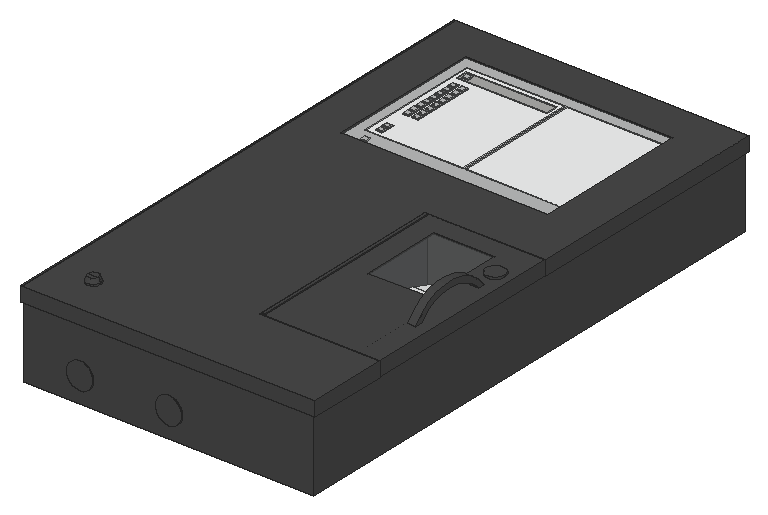
Revit family "Electronics_Communication_Talkaphone_AOR-8-Station-Analog-Command-Unit", category Telephone Devices, host Face, Revit 2020
Family settings
  Host = Face
  Maintain Annotation Orientation = No
  Round Connector Dimension = Use Diameter
  Part Type = Normal
  OmniClass Number = 23.37.27.17
  Cut with Voids When Loaded = No
  Shared = No
  Room Calculation Point = No
Parameters (values of type "8-Station Analog Command Unit")
  _without big door [instance] = not(Visible Big Door)  # no
  _small door [instance] = and(Visible Big Door, Visible Small Door)  # yes
  Wiring = "One (1) twisted, shielded pair per station not to exceed 25 ohms resistance"
  Width = 14.50"  # constant formula
  Warranty = "5-year limited warranty"
  Voltage = 120 V  # constant formula
  Visible Small Door [instance] = yes
  Visible Big Door [instance] = yes
  URL = "https://www.talkaphone.com/"
  Supervision Relay = "Activation of Any AOR Station: Contact closure (relay) output; Open/Short Fault on AOR Stations: Contact closure (relay) output; AC Input Power Failure: 24VDC output; Low Battery (Low Voltage Detected): Low/short output; and System Ground Fault: Contact closure (relay) output."
  Sound = "Strobe/siren outputs 1 of 8 alerting sounds ranging from 90 to 100 dBA"
  Programming = "Programming of the Analog Command Unit and Analog Stations can be carried out through the built-in phone via touch-tone commands. All programming is stored on non-volatile EEPROMs."
  Product data url = "https://www.bimobject.com/talkaphone/product/aor-8_area-of-rescue-8-station-command-unit"
  Product Material = Talkaphone - Steel - Black
  Product Guid = "620e3b9a-db09-408f-bd15-6877dfd418e2"
  Power Source = "120VAC, 0.5 A (max)"
  Power Factor = 1
  Number of Poles = 1
  Mounting = "Surface mount or recess mount with optional trim ring (Model AOR-TR16). Strobe/sounder mounts to standard 4-inch square box."
  Model = "AOR-8"
  Manufacturer = "Talkaphone"  # constant formula
  Lighting = "Strobe is rated at 15 candela, flashes once per second"
  Keynote = "27 30 00"
  Height = 26.70"  # constant formula
  Fault Reset = "Push button switch provided to temporarily silence while faults are corrected or to re-test/reset fault indicators after faults have been resolved"
  Fault Monitoring = "Activation of any AOR Station, opens/shorts on AOR Station cabling, 110VAC input power failure (primary power loss), low battery backup (low voltage detected), and system ground fault"
  Environment = "For indoor use"
  Edition number = 1
  Description = "THIS FULLY INTEGRATED COMMAND UNIT ACCOMMODATES UP TO 8 ADA-COMPLIANT AREA OF RESCUE STATIONS. THE UNIT’S STROBE/SOUNDER INDICATES AN INCOMING CALL, AND LED LIGHTS INDICATE THE CALLING LOCATION."
  Depth = 5.00"  # constant formula
  Default Elevation = 48.00"
  Construction = "16 gauge, painted steel enclosure with polycarbonate windows"
  Connectivity = "Supports one (1) analog phone line (PSTN line) for off-site dialing"
  Connection = "Internal terminal block"
  Communication = "Lighted phone with 12-button keypad receives and selectively originates calls"
  Call Station Options = "Indoor Flush Mount Model: AOR-CSE-FM, Indoor Surface Mount Model: AOR-CSE-SM"
  Assembly Code = "D5030300"
  Approvals = "Power Supply Approvals: EMI conducted and radiated EN61204-3 Class A, Safety EN60950, UL294 Access Control, UL 603 Burglar Systems, UL 1076 Proprietary Burglar, UL 1481 Fire Alarm Systems"
  Apparent Load = 0 VA
  AC Input Rating = "100-240VAC, 50-60 Hz, 2.5A"
Reference planes (in)
  plane 1 "Center (Front/Back)": y = 0
  plane 2: z = 0
  plane 3 "Center (Left/Right)": x = 0
  plane 4: z = 3.9004
Forms (in)
  Extrusion 1, solid, material "Talkaphone - Steel - Black" <- "Product Material"
    sketch origin (0, 0, 0.0625) x (1, 0, 0) y (0, 0, 1)
      loop
        line (-6.69575, 3.604) -> (-7.125, 3.604) -> (-7.125, -0.0625) -> (-7.0625, -0.0625) -> (-7.0625, 3.54164) -> (-6.69575, 3.54164) -> (-6.69575, 3.604)
    from -13.2525 to 13.2525
  Extrusion 2, solid, material "Talkaphone - Steel - Black" <- "Product Material"
    sketch origin (0, 0, 0) x (1, 0, 0) y (0, 1, 0)
      loop
        line (-7.0625, 13.19) -> (-7.0625, -13.19) -> (7.0625, -13.19) -> (7.0625, 13.19) -> (-7.0625, 13.19)
    from 0 to 0.0625
  Extrusion 3, solid, material "Talkaphone - Steel - Black" <- "Product Material", detail levels medium+fine
    sketch origin (0, 0, 0) x (1, 0, 0) y (0, 1, 0)
      loop
        line (1.305, -13.19) -> (1.305, 0.9775) -> (7.0625, 0.9775) -> (7.0625, 1.0375) -> (1.245, 1.0375) -> (1.245, -13.19) -> (1.305, -13.19)
    from 0.0625 to 3.8125
  Extrusion 4, solid, material "Talkaphone - Steel - Black" <- "Product Material", detail levels medium+fine
    sketch origin (0, 0, 0) x (1, 0, 0) y (0, 1, 0)
      loop
        line (-1.875, -7.6275) -> (-1.875, -7.6875) -> (-1.06, -7.6875) -> (-1.06, -13.1275) -> (-1, -13.1275) -> (-1, -7.6275) -> (-1.875, -7.6275)
    from 0.372 to 4.122
  Extrusion 5, solid, material "Talkaphone - Steel - Black" <- "Product Material", detail levels medium+fine
    sketch origin (0, 0, 0) x (1, 0, 0) y (0, 1, 0)
      loop
        line (-5.32776, -3.90604) -> (-5.32776, -10.02809) -> (-4.93406, -10.02809) -> (-4.93406, -9.64817)
        arc (-4.93406, -9.64817) -> (-4.86083, -9.47139) -> (-4.68406, -9.39817) r 0.25
        line (-4.68406, -9.39817) -> (-1.92224, -9.39817) -> (-1.92224, -4.53596) -> (-4.68406, -4.53596)
        arc (-4.68406, -4.53596) -> (-4.86083, -4.46274) -> (-4.93406, -4.28596) r 0.25
        line (-4.93406, -4.28596) -> (-4.93406, -3.90604) -> (-5.32776, -3.90604)
      loop
        line (-4.74846, -4.96252) -> (-5.04846, -4.96252) -> (-5.19846, -5.22233) -> (-5.04846, -5.48214) -> (-4.74846, -5.48214) -> (-4.59846, -5.22233) -> (-4.74846, -4.96252)
      loop
        line (-4.67918, -4.92252) -> (-4.52918, -5.18233) -> (-4.22918, -5.18233) -> (-4.07918, -4.92252) -> (-4.22918, -4.66272) -> (-4.52918, -4.66272) -> (-4.67918, -4.92252)
      loop
        line (-4.22918, -5.28172) -> (-4.52918, -5.28172) -> (-4.67918, -5.54152) -> (-4.52918, -5.80133) -> (-4.22918, -5.80133) -> (-4.07918, -5.54152) -> (-4.22918, -5.28172)
      loop
        line (-3.71046, -4.96252) -> (-4.01046, -4.96252) -> (-4.16046, -5.22233) -> (-4.01046, -5.48214) -> (-3.71046, -5.48214) -> (-3.56046, -5.22233) -> (-3.71046, -4.96252)
      loop
        line (-3.64118, -4.92252) -> (-3.49118, -5.18233) -> (-3.19118, -5.18233) -> (-3.04118, -4.92252) -> (-3.19118, -4.66272) -> (-3.49118, -4.66272) -> (-3.64118, -4.92252)
      loop
        line (-3.19118, -5.28172) -> (-3.49118, -5.28172) -> (-3.64118, -5.54152) -> (-3.49118, -5.80133) -> (-3.19118, -5.80133) -> (-3.04118, -5.54152) -> (-3.19118, -5.28172)
      loop
        line (-2.67246, -4.96252) -> (-2.97246, -4.96252) -> (-3.12246, -5.22233) -> (-2.97246, -5.48214) -> (-2.67246, -5.48214) -> (-2.52246, -5.22233) -> (-2.67246, -4.96252)
      loop
        line (-2.60318, -4.92252) -> (-2.45318, -5.18233) -> (-2.15318, -5.18233) -> (-2.00318, -4.92252) -> (-2.15318, -4.66272) -> (-2.45318, -4.66272) -> (-2.60318, -4.92252)
      loop
        line (-2.15318, -5.28172) -> (-2.45318, -5.28172) -> (-2.60318, -5.54152) -> (-2.45318, -5.80133) -> (-2.15318, -5.80133) -> (-2.00318, -5.54152) -> (-2.15318, -5.28172)
      loop
        line (-4.74846, -6.20052) -> (-5.04846, -6.20052) -> (-5.19846, -6.46033) -> (-5.04846, -6.72014) -> (-4.74846, -6.72014) -> (-4.59846, -6.46033) -> (-4.74846, -6.20052)
      loop
        line (-4.67918, -6.16052) -> (-4.52918, -6.42033) -> (-4.22918, -6.42033) -> (-4.07918, -6.16052) -> (-4.22918, -5.90072) -> (-4.52918, -5.90072) -> (-4.67918, -6.16052)
      loop
        line (-4.22918, -6.51972) -> (-4.52918, -6.51972) -> (-4.67918, -6.77952) -> (-4.52918, -7.03933) -> (-4.22918, -7.03933) -> (-4.07918, -6.77952) -> (-4.22918, -6.51972)
      loop
        line (-3.71046, -6.20052) -> (-4.01046, -6.20052) -> (-4.16046, -6.46033) -> (-4.01046, -6.72014) -> (-3.71046, -6.72014) -> (-3.56046, -6.46033) -> (-3.71046, -6.20052)
      loop
        line (-3.64118, -6.16052) -> (-3.49118, -6.42033) -> (-3.19118, -6.42033) -> (-3.04118, -6.16052) -> (-3.19118, -5.90072) -> (-3.49118, -5.90072) -> (-3.64118, -6.16052)
      loop
        line (-3.19118, -6.51972) -> (-3.49118, -6.51972) -> (-3.64118, -6.77952) -> (-3.49118, -7.03933) -> (-3.19118, -7.03933) -> (-3.04118, -6.77952) -> (-3.19118, -6.51972)
      loop
        line (-2.67246, -6.20052) -> (-2.97246, -6.20052) -> (-3.12246, -6.46033) -> (-2.97246, -6.72014) -> (-2.67246, -6.72014) -> (-2.52246, -6.46033) -> (-2.67246, -6.20052)
      loop
        line (-2.60318, -6.16052) -> (-2.45318, -6.42033) -> (-2.15318, -6.42033) -> (-2.00318, -6.16052) -> (-2.15318, -5.90072) -> (-2.45318, -5.90072) -> (-2.60318, -6.16052)
      loop
        line (-2.15318, -6.51972) -> (-2.45318, -6.51972) -> (-2.60318, -6.77952) -> (-2.45318, -7.03933) -> (-2.15318, -7.03933) -> (-2.00318, -6.77952) -> (-2.15318, -6.51972)
      loop
        line (-4.74846, -5.58059) -> (-5.04846, -5.58059) -> (-5.19846, -5.8404) -> (-5.04846, -6.10021) -> (-4.74846, -6.10021) -> (-4.59846, -5.8404) -> (-4.74846, -5.58059)
      loop
        line (-3.71046, -5.58059) -> (-4.01046, -5.58059) -> (-4.16046, -5.8404) -> (-4.01046, -6.10021) -> (-3.71046, -6.10021) -> (-3.56046, -5.8404) -> (-3.71046, -5.58059)
      loop
        line (-2.67246, -5.58059) -> (-2.97246, -5.58059) -> (-3.12246, -5.8404) -> (-2.97246, -6.10021) -> (-2.67246, -6.10021) -> (-2.52246, -5.8404) -> (-2.67246, -5.58059)
      loop
        line (-4.74846, -7.43852) -> (-5.04846, -7.43852) -> (-5.19846, -7.69833) -> (-5.04846, -7.95814) -> (-4.74846, -7.95814) -> (-4.59846, -7.69833) -> (-4.74846, -7.43852)
      loop
        line (-4.67918, -7.39852) -> (-4.52918, -7.65833) -> (-4.22918, -7.65833) -> (-4.07918, -7.39852) -> (-4.22918, -7.13872) -> (-4.52918, -7.13872) -> (-4.67918, -7.39852)
      loop
        line (-4.22918, -7.75772) -> (-4.52918, -7.75772) -> (-4.67918, -8.01752) -> (-4.52918, -8.27733) -> (-4.22918, -8.27733) -> (-4.07918, -8.01752) -> (-4.22918, -7.75772)
      loop
        line (-3.71046, -7.43852) -> (-4.01046, -7.43852) -> (-4.16046, -7.69833) -> (-4.01046, -7.95814) -> (-3.71046, -7.95814) -> (-3.56046, -7.69833) -> (-3.71046, -7.43852)
      loop
        line (-3.64118, -7.39852) -> (-3.49118, -7.65833) -> (-3.19118, -7.65833) -> (-3.04118, -7.39852) -> (-3.19118, -7.13872) -> (-3.49118, -7.13872) -> (-3.64118, -7.39852)
      loop
        line (-3.19118, -7.75772) -> (-3.49118, -7.75772) -> (-3.64118, -8.01752) -> (-3.49118, -8.27733) -> (-3.19118, -8.27733) -> (-3.04118, -8.01752) -> (-3.19118, -7.75772)
      loop
        line (-2.67246, -7.43852) -> (-2.97246, -7.43852) -> (-3.12246, -7.69833) -> (-2.97246, -7.95814) -> (-2.67246, -7.95814) -> (-2.52246, -7.69833) -> (-2.67246, -7.43852)
      loop
        line (-2.60318, -7.39852) -> (-2.45318, -7.65833) -> (-2.15318, -7.65833) -> (-2.00318, -7.39852) -> (-2.15318, -7.13872) -> (-2.45318, -7.13872) -> (-2.60318, -7.39852)
      loop
        line (-2.15318, -7.75772) -> (-2.45318, -7.75772) -> (-2.60318, -8.01752) -> (-2.45318, -8.27733) -> (-2.15318, -8.27733) -> (-2.00318, -8.01752) -> (-2.15318, -7.75772)
      loop
        line (-4.74846, -8.67652) -> (-5.04846, -8.67652) -> (-5.19846, -8.93633) -> (-5.04846, -9.19614) -> (-4.74846, -9.19614) -> (-4.59846, -8.93633) -> (-4.74846, -8.67652)
      loop
        line (-4.67918, -8.63652) -> (-4.52918, -8.89633) -> (-4.22918, -8.89633) -> (-4.07918, -8.63652) -> (-4.22918, -8.37672) -> (-4.52918, -8.37672) -> (-4.67918, -8.63652)
      loop
        line (-3.71046, -8.67652) -> (-4.01046, -8.67652) -> (-4.16046, -8.93633) -> (-4.01046, -9.19614) -> (-3.71046, -9.19614) -> (-3.56046, -8.93633) -> (-3.71046, -8.67652)
      loop
        line (-3.64118, -8.63652) -> (-3.49118, -8.89633) -> (-3.19118, -8.89633) -> (-3.04118, -8.63652) -> (-3.19118, -8.37672) -> (-3.49118, -8.37672) -> (-3.64118, -8.63652)
      loop
        line (-2.67246, -8.67652) -> (-2.97246, -8.67652) -> (-3.12246, -8.93633) -> (-2.97246, -9.19614) -> (-2.67246, -9.19614) -> (-2.52246, -8.93633) -> (-2.67246, -8.67652)
      loop
        line (-2.60318, -8.63652) -> (-2.45318, -8.89633) -> (-2.15318, -8.89633) -> (-2.00318, -8.63652) -> (-2.15318, -8.37672) -> (-2.45318, -8.37672) -> (-2.60318, -8.63652)
      loop
        line (-4.74846, -8.05659) -> (-5.04846, -8.05659) -> (-5.19846, -8.3164) -> (-5.04846, -8.57621) -> (-4.74846, -8.57621) -> (-4.59846, -8.3164) -> (-4.74846, -8.05659)
      loop
        line (-3.71046, -8.05659) -> (-4.01046, -8.05659) -> (-4.16046, -8.3164) -> (-4.01046, -8.57621) -> (-3.71046, -8.57621) -> (-3.56046, -8.3164) -> (-3.71046, -8.05659)
      loop
        line (-2.67246, -8.05659) -> (-2.97246, -8.05659) -> (-3.12246, -8.3164) -> (-2.97246, -8.57621) -> (-2.67246, -8.57621) -> (-2.52246, -8.3164) -> (-2.67246, -8.05659)
      loop
        line (-4.74989, -6.81705) -> (-5.04989, -6.81705) -> (-5.19989, -7.07686) -> (-5.04989, -7.33667) -> (-4.74989, -7.33667) -> (-4.59989, -7.07686) -> (-4.74989, -6.81705)
      loop
        line (-3.71243, -6.81705) -> (-4.01243, -6.81705) -> (-4.16243, -7.07686) -> (-4.01243, -7.33667) -> (-3.71243, -7.33667) -> (-3.56243, -7.07686) -> (-3.71243, -6.81705)
      loop
        line (-2.66828, -6.81705) -> (-2.96828, -6.81705) -> (-3.11828, -7.07686) -> (-2.96828, -7.33667) -> (-2.66828, -7.33667) -> (-2.51828, -7.07686) -> (-2.66828, -6.81705)
    from 1.76964 to 1.82869
  Extrusion 6, solid, material "Talkaphone - Steel - Black" <- "Product Material", detail levels medium+fine
    sketch origin (0, 0, 0) x (1, 0, 0) y (0, 0, 1)
      loop
        line (-5.2687, 1.76964) -> (-5.325, 1.76964) -> (-5.325, 0.372) -> (-1.92224, 0.372) -> (-1.92224, 0.73027) -> (-5.2687, 0.73027) -> (-5.2687, 1.76964)
    from 3.90604 to 10.02809
  Extrusion 7, solid, material "Talkaphone - Steel - Black" <- "Product Material", detail levels medium+fine
    sketch origin (0, 0, 0) x (1, 0, 0) y (0, 0, 1)
      loop
        line (-1.92224, 1.76964) -> (-1.9813, 1.76964) -> (-1.9813, 0.48429) -> (-1.92224, 0.48429) -> (-1.92224, 1.76964)
    from 4.53596 to 9.39817
  Extrusion 8, solid, material "Talkaphone - Steel - Black" <- "Product Material", detail levels medium+fine
    sketch origin (0, 0, 0) x (1, 0, 0) y (0, 1, 0)
      loop
        line (-1.125, -3.7525) -> (-6.125, -3.7525) -> (-6.125, -10.2525) -> (-1.125, -10.2525) -> (-1.125, -3.7525)
    from 0.312 to 0.372
  Extrusion 9, solid, material "Talkaphone - Steel - Black" <- "Product Material", detail levels medium+fine
    sketch origin (0, 0, 0) x (0, 1, 0) y (0, 0, 1)
      loop
        line (-2.9625, 3.77251) -> (-2.5625, 3.77251) -> (-2.5625, 3.83251) -> (-3.0225, 3.83251) -> (-3.0225, 0.0625) -> (-2.9625, 0.0625) -> (-2.9625, 3.77251)
    from -6.125 to 0.375
  Extrusion 10, solid, material "Talkaphone - Steel - Black" <- "Product Material", detail levels medium+fine
    sketch origin (0, 0, 0) x (1, 0, 0) y (0, 1, 0)
      loop
        line (-4.625, -3.0225) -> (-4.625, -3.5725) -> (-1.125, -3.5725) -> (-1.125, -3.0225) -> (-4.625, -3.0225)
      loop
        line (-4.655, -1.5225) -> (-6.125, -1.5225) -> (-6.125, -2.9625) -> (-4.655, -2.9625) -> (-4.655, -1.5225)
      loop
        line (-1.095, -2.9625) -> (0.375, -2.9625) -> (0.375, -1.5225) -> (-1.095, -1.5225) -> (-1.095, -2.9625)
    from 0.0625 to 0.1225
  Extrusion 11, solid, material "Talkaphone - Steel - Black" <- "Product Material", detail levels medium+fine
    sketch origin (0, 0, 0) x (1, 0, 0) y (0, 1, 0)
      loop
        line (-3.3125, 8.59) -> (-3.3125, 2.09) -> (2.9375, 2.09) -> (2.9375, 3.09) -> (5.6875, 3.09) -> (5.6875, 2.09) -> (6.4375, 2.09) -> (6.4375, 8.59) -> (-3.3125, 8.59)
    from 2.8452 to 2.9092
  Extrusion 12, solid, material "Talkaphone - Steel - Black" <- "Product Material", detail levels medium+fine
    sketch origin (0, 0, 0) x (1, 0, 0) y (0, 1, 0)
      loop
        line (-3.3125, 9.6242) -> (-3.3125, 2.09) -> (6.4375, 2.09) -> (6.4375, 9.6242) -> (-3.3125, 9.6242)
    from 0.08464 to 0.1225
  Extrusion 13, solid, material "Talkaphone - Steel - Black" <- "Product Material", detail levels medium+fine
    sketch origin (0, 0, 0) x (1, 0, 0) y (0, 1, 0)
      loop
        line (2.0639, 5.52084) -> (1.81197, 5.52084) -> (1.81197, 5.26891) -> (2.0639, 5.26891) -> (2.0639, 5.52084)
      loop
        line (6.31288, 9.46646) -> (6.06095, 9.46646) -> (6.06095, 9.21453) -> (6.31288, 9.21453) -> (6.31288, 9.46646)
      loop
        line (-2.93909, 9.46646) -> (-3.19102, 9.46646) -> (-3.19102, 9.21453) -> (-2.93909, 9.21453) -> (-2.93909, 9.46646)
    from 0.0625 to 1.5952
  Extrusion 14, solid, material "Talkaphone - Steel - Black" <- "Product Material", detail levels medium+fine
    sketch origin (0, 0, 0) x (1, 0, 0) y (0, 1, 0)
      loop
        line (-2.93909, 5.96503) -> (-3.19102, 5.96503) -> (-3.19102, 5.7131) -> (-2.93909, 5.7131) -> (-2.93909, 5.96503)
      loop
        line (-2.93909, 2.46596) -> (-3.19102, 2.46596) -> (-3.19102, 2.21403) -> (-2.93909, 2.21403) -> (-2.93909, 2.46596)
      loop
        line (6.31288, 5.96503) -> (6.06095, 5.96503) -> (6.06095, 5.7131) -> (6.31288, 5.7131) -> (6.31288, 5.96503)
      loop
        line (6.31288, 2.46596) -> (6.06095, 2.46596) -> (6.06095, 2.21403) -> (6.31288, 2.21403) -> (6.31288, 2.46596)
    from 0.0625 to 2.8452
  Extrusion 15, solid, material "Talkaphone - Plastic - Grey_RAL 9007", detail levels fine
    sketch origin (0, 0.35118, 1.02438) x (1, 0, 0) y (0, 0.977332, 0.211712)
      loop
        line (5.375, -5.56865) -> (5.375, -5.81295) -> (5.875, -5.81295) -> (5.875, -5.56865) -> (5.375, -5.56865)
      loop
        line (5.875, -5.32436) -> (5.875, -5.08006) -> (5.375, -5.08006) -> (5.375, -5.32436) -> (5.875, -5.32436)
      loop
        line (5.875, -4.83577) -> (5.875, -4.59148) -> (5.375, -4.59148) -> (5.375, -4.83577) -> (5.875, -4.83577)
    from 2.01439 to 2.2056
  Sweep 16, solid, material "Talkaphone - Plastic - White", detail levels medium+fine
    path origin (0, -0.00085, -0.00027) x (0, 1, -0.000253) y (0, 0.000253, 1)
      loop
        line (-7.783, 2.41414) -> (-4.76152, 3.18164)
        arc (-4.76152, 3.18164) -> (-3.56524, 3.30908) -> (-2.38145, 3.09474) r 4.2318
        line (-2.38145, 3.09474) -> (-0.54396, 2.48224)
    profile origin (0, -3.56526, 3.30972) x (0, -0.036742, -0.999325) y (1, 0, 0)
      loop
        line (0.00282, 4.325) -> (0.00282, 3.325) -> (0.35259, 2.825) -> (1.17994, 2.825) -> (1.17994, 4.825) -> (0.35259, 4.825) -> (0.00282, 4.325)
  Sweep 17, solid, material "Talkaphone - Plastic - White", detail levels medium+fine
    path origin (-0.00011, 0.39218, 2.00184) x (1, 0, 0) y (0, 0.969282, 0.245953)
      loop
        arc (3.32482, -7.82247) -> (3.44936, -8.12312) -> (3.75, -8.24765) r 0.42518
        line (3.75, -8.24765) -> (3.9, -8.24765)
        arc (3.9, -8.24765) -> (4.20064, -8.12312) -> (4.32518, -7.82247) r 0.42518
    profile origin (3.32472, -7.18999, 0.07788) x (-1, 0, 0) y (0, -0.245953, 0.969282)
      loop
        line (0.49982, 1.23248) -> (0.49982, 2.05957) -> (-0.00018, 2.40923) -> (-0.00018, 1.23248) -> (0.49982, 1.23248)
  Extrusion 18, solid, material "Talkaphone - Plastic - White", detail levels medium+fine
    sketch origin (-8.93354, 0.38044, -3.7045) x (1, 0, 0) y (0, 0.969282, 0.245953)
      loop
        arc (12.25844, -6.4076) -> (12.38292, -6.70812) -> (12.68344, -6.8326) r 0.425
        line (12.68344, -6.8326) -> (12.83344, -6.8326)
        arc (12.83344, -6.8326) -> (13.13396, -6.70812) -> (13.25844, -6.4076) r 0.425
        line (13.25844, -6.4076) -> (12.25844, -6.4076)
    from 6.76027 to 7.93739
  Sweep 19, solid, material "Talkaphone - Plastic - White", detail levels medium+fine
    path origin (0, -8.727, 2.682) x (1, 0, 0) y (0, 0.948089, -0.318004)
      loop
        arc (3.32482, 7.82247) -> (3.44936, 8.12312) -> (3.75, 8.24765) r 0.42518
        line (3.75, 8.24765) -> (3.9, 8.24765)
        arc (3.9, 8.24765) -> (4.20064, 8.12312) -> (4.32518, 7.82247) r 0.42518
    profile origin (3.32482, -1.3106, 0.19443) x (1, 0, 0) y (0, 0.318004, 0.948089)
      loop
        line (-0.49982, 1.23248) -> (0.00018, 1.23248) -> (0.00018, 2.40923) -> (-0.49982, 2.05957) -> (-0.49982, 1.23248)
  Extrusion 20, solid, material "Talkaphone - Plastic - White", detail levels medium+fine
    sketch origin (-8.93344, -9.14355, -3.00912) x (1, 0, 0) y (0, 0.948089, -0.318004)
      loop
        line (12.25844, 6.4076) -> (13.25844, 6.4076)
        arc (13.25844, 6.4076) -> (13.13396, 6.70812) -> (12.83344, 6.8326) r 0.425
        line (12.83344, 6.8326) -> (12.68344, 6.8326)
        arc (12.68344, 6.8326) -> (12.38292, 6.70812) -> (12.25844, 6.4076) r 0.425
    from 6.76027 to 7.93739
  Extrusion 21, void
    sketch origin (0, 0, 0) x (1, 0, 0) y (0, 1, 0)
      loop
        spline (3.75, 0.24102) -> (3.62658, 0.23324) -> (3.50527, 0.21023) -> (3.38812, 0.17253) -> (3.27718, 0.12064) -> (3.17442, 0.05523) -> (3.08146, -0.02239) -> (2.99985, -0.11081) -> (2.93111, -0.20856) -> (2.87663, -0.31413) -> (2.83712, -0.42563) -> (2.81316, -0.54107) -> (2.80531, -0.6585)
        line (2.80531, -0.6585) -> (2.80531, -7.6826)
        spline (2.80531, -7.6826) -> (2.81178, -7.80352) -> (2.83461, -7.92258) -> (2.87325, -8.03771) -> (2.92715, -8.14684) -> (2.9956, -8.248) -> (3.0772, -8.33957) -> (3.1704, -8.42003) -> (3.27364, -8.48786) -> (3.38525, -8.54171) -> (3.50324, -8.58085) -> (3.62549, -8.60474) -> (3.74989, -8.61282)
        line (3.74989, -8.61282) -> (3.89989, -8.61282)
        spline (3.89989, -8.61282) -> (4.02312, -8.60489) -> (4.14426, -8.58146) -> (4.26126, -8.54304) -> (4.37206, -8.49018) -> (4.47471, -8.42356) -> (4.5676, -8.34449) -> (4.64919, -8.25444) -> (4.71797, -8.15487) -> (4.77257, -8.04734) -> (4.81226, -7.93376) -> (4.83648, -7.81613) -> (4.84469, -7.69645)
        line (4.84469, -7.69645) -> (4.84469, -0.65565)
        spline (4.84469, -0.65565) -> (4.83648, -0.53849) -> (4.81223, -0.42334) -> (4.77251, -0.31216) -> (4.71789, -0.20692) -> (4.64908, -0.10949) -> (4.56747, -0.02139) -> (4.47459, 0.05596) -> (4.37195, 0.12111) -> (4.26118, 0.1728) -> (4.14423, 0.21036) -> (4.02316, 0.23327) -> (3.9, 0.24102)
        line (3.9, 0.24102) -> (3.75, 0.24102)
    from 0.80184 to 2.38463
  Extrusion 22, solid, material "Talkaphone - Steel - Black" <- "Product Material", detail levels medium+fine
    sketch origin (0, 0, 0) x (1, 0, 0) y (0, 0, 1)
      loop
        arc (-7.227, 3.7085) -> (-7.28983, 3.55682) -> (-7.13815, 3.61965) r 0.08885
        line (-7.13815, 3.61965) -> (-7.13815, 3.6665) -> (-6.69575, 3.6665) -> (-6.69575, 3.7085) -> (-7.227, 3.7085)
    from -12.252 to 11.748
  Extrusion 23, solid, material "Talkaphone - Steel - Black" <- "Product Material"
    sketch origin (0, 0, 0) x (1, 0, 0) y (0, 1, 0)
      loop
        line (7.125, 13.2525) -> (-7.0625, 13.2525) -> (-7.0625, 13.19) -> (7.0625, 13.19) -> (7.0625, -13.19) -> (-7.0625, -13.19) -> (-7.0625, -13.2525) -> (7.125, -13.2525) -> (7.125, 13.2525)
    from 0 to 4.1775
  Extrusion 24, solid, material "Talkaphone - Steel - Black" <- "Product Material", detail levels medium+fine
    sketch origin (0, 0, 0) x (1, 0, 0) y (0, 1, 0)
      loop
        line (-6.125, 1.0175) -> (-6.125, -3.0025) -> (-3.325, -3.0025) -> (-3.325, 1.0175) -> (-6.125, 1.0175)
      loop
        line (-2.425, 1.0175) -> (-2.425, -3.0025) -> (0.375, -3.0025) -> (0.375, 1.0175) -> (-2.425, 1.0175)
    from 0.1225 to 3.6665
  Extrusion 25, solid, material "Talkaphone - Steel - Black" <- "Product Material", detail levels medium+fine
    sketch origin (0, 0, 0) x (1, 0, 0) y (0, 1, 0)
      loop
        circle (-4.37733, 11.75045) r 0.65758
      loop
        circle (0, 11.75045) r 0.65758
      loop
        circle (4.37733, 11.75045) r 0.65758
      loop
        circle (-4.87551, 8.25474) r 0.65758
      loop
        circle (-4.37733, -11.5025) r 0.65758
      loop
        circle (0, -11.5025) r 0.65758
    from 0 to 0.0625
  Extrusion 26, solid, material "Talkaphone - Steel - Black" <- "Product Material", detail levels medium+fine
    sketch origin (0, 0, 0) x (1, 0, 0) y (0, 0, 1)
      loop
        circle (-4.37733, 1.24938) r 0.65758
      loop
        circle (0, 1.24938) r 0.65758
      loop
        circle (4.37377, 1.24938) r 0.65758
    from -13.2525 to -13.19
  Extrusion 27, solid, material "Talkaphone - Steel - Black" <- "Product Material", detail levels medium+fine
    sketch origin (0, 0, 0) x (1, 0, 0) y (0, 0, 1)
      loop
        circle (-4.37733, 1.24938) r 0.65758
      loop
        circle (0, 1.24938) r 0.65758
    from 13.19 to 13.2525
  Extrusion 28, solid, material "Talkaphone - Plastic - White", detail levels medium+fine
    sketch origin (0, 0, 0) x (0, 1, 0) y (0, 0, 1)
      loop
        line (-8.81456, 0.74011) -> (-8.52366, 0.09385) -> (-0.05591, 0.09385) -> (0.25615, 0.65681) -> (0.25615, 1.1599) -> (-2.45216, 2.05238)
        arc (-2.45216, 2.05238) -> (-3.42003, 2.20541) -> (-4.38902, 2.05971) r 3.21426
        line (-4.38902, 2.05971) -> (-8.44762, 1.17741) -> (-8.81456, 0.74011)
    from 2.325 to 6.575
  Extrusion 29, solid, material "Talkaphone - Steel - Black" <- "Product Material", visible <- "Visible Big Door"
    sketch origin (0, 0, 0) x (1, 0, 0) y (0, 1, 0)
      loop
        line (-7.18015, 13.273) -> (-7.18015, -13.273) -> (7.1911, -13.273) -> (7.1911, -9.3355) -> (1.3371, -9.3355) -> (1.3371, 0.852) -> (7.1911, 0.852) -> (7.1911, 13.273) -> (-7.18015, 13.273)
      loop
        line (-5.09452, 11.382) -> (-5.09452, 3.682) -> (5.10548, 3.682) -> (5.10548, 11.382) -> (-5.09452, 11.382)
    from 4.1879 to 4.2504
  Extrusion 30, solid, material "Talkaphone - Plastic - Clear plastic", visible <- "Visible Big Door"
    sketch origin (0, 0, 0) x (1, 0, 0) y (0, 1, 0)
      loop
        line (6.44298, 12.032) -> (-6.43202, 12.032) -> (-6.43202, 3.032) -> (6.44298, 3.032) -> (6.44298, 12.032)
    from 4.0629 to 4.12559
  Extrusion 31, solid, material "Talkaphone - Plastic - Grey_RAL 9006", detail levels medium+fine
    sketch origin (0, 0, 0) x (1, 0, 0) y (0, 0, 1)
      loop
        line (-6.24452, 4.0629) -> (-6.24452, 4.0004) -> (-5.65702, 4.0004) -> (-5.65702, 3.8779) -> (5.66798, 3.8779) -> (5.66798, 4.0004) -> (6.25548, 4.0004) -> (6.25548, 4.0629) -> (5.60548, 4.0629) -> (5.60548, 3.9404) -> (5.50548, 3.9404) -> (-5.48357, 3.9404) -> (-5.59452, 3.9404) -> (-5.59452, 4.0629) -> (-6.24452, 4.0629)
    from -3.28203 to -11.78283
  Extrusion 32, solid, material "Talkaphone - Steel - Black" <- "Product Material", visible <- "Visible Big Door", detail levels medium+fine
    sketch origin (-0.25729, 0, 0) x (1, 0, 0) y (0, 0, 1)
      loop
        circle (1.65714, 4.21915) r 0.06275
    from -0.7784 to 9.24244
  Revolve 33, solid, material "Talkaphone - Steel - Black" <- "Product Material", visible <- "Visible Big Door", detail levels fine
    sketch origin (0, -11.3312, 0) x (1, 0, 0) y (0, 0, 1)
      loop
        line (-5.49182, 4.51926) -> (-5.58714, 4.30552) -> (-5.58714, 4.2504) -> (-5.24546, 4.2504) -> (-5.24546, 4.51926) -> (-5.49182, 4.51926)
      axis (-5.24546, 4.2504) -> (-5.24546, 4.51926)
    angle from 0 to 360
  Extrusion 34, solid, material "Talkaphone - Steel - Black" <- "Product Material", visible <- "_small door"
    sketch origin (0, 0, 0) x (1, 0, 0) y (0, 1, 0)
      loop
        line (1.4626, 0.827) -> (1.4626, -9.3105) -> (7.1911, -9.3105) -> (7.1911, 0.827) -> (1.4626, 0.827)
      loop
        line (2.5922, -0.173) -> (2.5922, -4.24175) -> (5.5922, -4.24175) -> (5.5922, -0.173) -> (2.5922, -0.173)
    from 4.1879 to 4.2504
  Extrusion 35, solid, material "Talkaphone - Plastic - Clear plastic", visible <- "_small door"
    sketch origin (0, 0, 0) x (1, 0, 0) y (0, 1, 0)
      loop
        line (6.1547, 0.38325) -> (2.0297, 0.38325) -> (2.0297, -8.86675) -> (6.1547, -8.86675) -> (6.1547, 0.38325)
    from 4.0629 to 4.1879
  Extrusion 36, solid, material "Talkaphone - Steel - Black" <- "Product Material", visible <- "_small door", detail levels medium+fine
    sketch origin (0, 0, 0) x (0, 1, 0) y (0, 0, 1)
      loop
        line (-6.34465, 4.2504) -> (-5.98824, 4.2504)
        arc (-5.98824, 4.2504) -> (-4.23202, 5.03199) -> (-2.4758, 4.2504) r 2.36389
        line (-2.4758, 4.2504) -> (-2.11939, 4.2504)
        arc (-2.11939, 4.2504) -> (-4.23202, 5.30759) -> (-6.34465, 4.2504) r 2.63948
    from 6.2305 to 6.6184
  Extrusion 37, solid, material "Talkaphone - Steel - Black" <- "Product Material", visible <- "_small door", detail levels fine
    sketch origin (0, 0, 0) x (1, 0, 0) y (0, 1, 0)
      loop
        circle (6.4222, -1.1855) r 0.4605
    from 4.2504 to 4.33123
  Extrusion 38, solid, material "Talkaphone - Steel - Black" <- "Product Material", visible <- "Visible Big Door"
    sketch origin (0, 0, 0) x (0, 1, 0) y (0, 0, 1)
      loop
        line (-13.273, 3.5379) -> (-11.768, 3.5379) -> (-11.768, 3.7519) -> (12.272, 3.7519) -> (12.272, 3.5379) -> (13.273, 3.5379) -> (13.273, 4.2504) -> (-13.273, 4.2504) -> (-13.273, 3.5379)
    from -7.24265 to -7.18015
  Extrusion 39, solid, material "Talkaphone - Steel - Black" <- "Product Material", visible <- "Visible Big Door"
    sketch origin (0, 0, 0) x (1, 0, 0) y (0, 1, 0)
      loop
        line (7.2536, 13.3355) -> (-7.24265, 13.3355) -> (-7.24265, 13.273) -> (7.1911, 13.273) -> (7.1911, 0.852) -> (7.2536, 0.852) -> (7.2536, 13.3355)
      loop
        line (7.2536, -13.3355) -> (7.2536, -9.3355) -> (7.1911, -9.3355) -> (7.1911, -13.273) -> (-7.24265, -13.273) -> (-7.24265, -13.3355) -> (7.2536, -13.3355)
    from 3.5379 to 4.2504
  Extrusion 40, solid, material "Talkaphone - Steel - Black" <- "Product Material", visible <- "_small door"
    sketch origin (0, 0, 0) x (1, 0, 0) y (0, 1, 0)
      loop
        line (7.1911, 0.827) -> (7.1911, -9.3105) -> (7.2536, -9.3105) -> (7.2536, 0.827) -> (7.1911, 0.827)
    from 3.5379 to 4.2504
  Extrusion 41, solid, material "Talkaphone - Plastic - White", detail levels fine
    sketch origin (-9.26226, -180, 3.9004) x (-1, 0, 0) y (0, -1, 0)
      loop
        line (-4.39773, -191.162) -> (-4.39773, -184.912) -> (-9.21023, -184.912) -> (-9.21023, -191.162) -> (-4.39773, -191.162)
      loop
        line (-9.33523, -191.162) -> (-9.33523, -184.912) -> (-14.14773, -184.912) -> (-14.14773, -191.162) -> (-9.33523, -191.162)
      loop
        line (-4.58277, -190.88641) -> (-4.58277, -190.29586) -> (-9.02519, -190.29586) -> (-9.02519, -190.88641) -> (-4.58277, -190.88641)
      loop
        line (-4.71773, -189.8995) -> (-4.71773, -186.7995) -> (-5.02773, -186.7995) -> (-5.02773, -189.8995) -> (-4.71773, -189.8995)
      loop
        line (-5.16773, -189.8995) -> (-5.16773, -186.7995) -> (-5.47773, -186.7995) -> (-5.47773, -189.8995) -> (-5.16773, -189.8995)
      loop
        line (-4.71773, -185.862) -> (-4.71773, -185.15476) -> (-5.02773, -185.15476) -> (-5.02773, -185.862) -> (-4.71773, -185.862)
    from 0 to 0.04
  Extrusion 42, void
    sketch origin (-9.26226, -180, 3.9004) x (-1, 0, 0) y (0, -1, 0)
      loop
        line (-4.39773, -191.162) -> (-4.39773, -184.912) -> (-9.21023, -184.912) -> (-9.21023, -191.162) -> (-4.39773, -191.162)
      loop
        line (-9.33523, -191.162) -> (-9.33523, -184.912) -> (-14.14773, -184.912) -> (-14.14773, -191.162) -> (-9.33523, -191.162)
    from 0 to 0.06
  Extrusion 43, solid, material "Talkaphone - Plastic - Grey_RAL 9007", detail levels fine
    sketch origin (-9.26226, -180, 3.9004) x (-1, 0, 0) y (0, -1, 0)
      loop
        line (-4.58277, -190.88641) -> (-4.58277, -190.29586) -> (-9.02519, -190.29586) -> (-9.02519, -190.88641) -> (-4.58277, -190.88641)
      loop
        line (-4.71773, -190.742) -> (-4.71773, -190.442) -> (-5.02773, -190.442) -> (-5.02773, -190.742) -> (-4.71773, -190.742)
    from 0 to 0.04
  Extrusion 44, solid, material "Talkaphone - Steel - Black", detail levels fine
    sketch origin (-9.26226, -180, 3.9004) x (-1, 0, 0) y (0, -1, 0)
      loop
        line (-4.71773, -190.742) -> (-4.71773, -190.442) -> (-5.02773, -190.442) -> (-5.02773, -190.742) -> (-4.71773, -190.742)
      loop
        line (-4.71773, -189.8995) -> (-4.71773, -186.7995) -> (-5.02773, -186.7995) -> (-5.02773, -189.8995) -> (-4.71773, -189.8995)
      loop
        line (-5.16773, -189.8995) -> (-5.16773, -186.7995) -> (-5.47773, -186.7995) -> (-5.47773, -189.8995) -> (-5.16773, -189.8995)
      loop
        line (-4.71773, -185.15476) -> (-5.02773, -185.15476) -> (-5.02773, -185.862) -> (-4.71773, -185.862) -> (-4.71773, -185.15476)
    from 0 to 0.04
  Extrusion 45, solid, material "Talkaphone - Plastic - Grey_RAL 9006", detail levels fine
    sketch origin (-9.26226, -180, 3.9004) x (-1, 0, 0) y (0, -1, 0)
      loop
        line (-4.74773, -190.712) -> (-4.74773, -190.462) -> (-4.99773, -190.462) -> (-4.99773, -190.712) -> (-4.74773, -190.712)
      loop
        line (-4.74773, -189.8695) -> (-4.74773, -189.6195) -> (-4.99773, -189.6195) -> (-4.99773, -189.8695) -> (-4.74773, -189.8695)
      loop
        line (-4.74773, -189.4695) -> (-4.74773, -189.2195) -> (-4.99773, -189.2195) -> (-4.99773, -189.4695) -> (-4.74773, -189.4695)
      loop
        line (-4.74773, -189.0695) -> (-4.74773, -188.8195) -> (-4.99773, -188.8195) -> (-4.99773, -189.0695) -> (-4.74773, -189.0695)
      loop
        line (-4.74773, -188.6695) -> (-4.74773, -188.4195) -> (-4.99773, -188.4195) -> (-4.99773, -188.6695) -> (-4.74773, -188.6695)
      loop
        line (-4.74773, -188.2695) -> (-4.74773, -188.0195) -> (-4.99773, -188.0195) -> (-4.99773, -188.2695) -> (-4.74773, -188.2695)
      loop
        line (-4.74773, -187.8695) -> (-4.74773, -187.6195) -> (-4.99773, -187.6195) -> (-4.99773, -187.8695) -> (-4.74773, -187.8695)
      loop
        line (-4.74773, -187.4695) -> (-4.74773, -187.2195) -> (-4.99773, -187.2195) -> (-4.99773, -187.4695) -> (-4.74773, -187.4695)
      loop
        line (-4.74773, -187.0695) -> (-4.74773, -186.8195) -> (-4.99773, -186.8195) -> (-4.99773, -187.0695) -> (-4.74773, -187.0695)
      loop
        line (-5.19773, -189.8695) -> (-5.19773, -189.6195) -> (-5.44773, -189.6195) -> (-5.44773, -189.8695) -> (-5.19773, -189.8695)
      loop
        line (-5.19773, -189.4695) -> (-5.19773, -189.2195) -> (-5.44773, -189.2195) -> (-5.44773, -189.4695) -> (-5.19773, -189.4695)
      loop
        line (-5.19773, -189.0695) -> (-5.19773, -188.8195) -> (-5.44773, -188.8195) -> (-5.44773, -189.0695) -> (-5.19773, -189.0695)
      loop
        line (-5.19773, -188.6695) -> (-5.19773, -188.4195) -> (-5.44773, -188.4195) -> (-5.44773, -188.6695) -> (-5.19773, -188.6695)
      loop
        line (-5.19773, -188.2695) -> (-5.19773, -188.0195) -> (-5.44773, -188.0195) -> (-5.44773, -188.2695) -> (-5.19773, -188.2695)
      loop
        line (-5.19773, -187.8695) -> (-5.19773, -187.6195) -> (-5.44773, -187.6195) -> (-5.44773, -187.8695) -> (-5.19773, -187.8695)
      loop
        line (-5.19773, -187.4695) -> (-5.19773, -187.2195) -> (-5.44773, -187.2195) -> (-5.44773, -187.4695) -> (-5.19773, -187.4695)
      loop
        line (-5.19773, -187.0695) -> (-5.19773, -186.8195) -> (-5.44773, -186.8195) -> (-5.44773, -187.0695) -> (-5.19773, -187.0695)
      loop
        line (-4.74773, -185.827) -> (-4.74773, -185.577) -> (-4.99773, -185.577) -> (-4.99773, -185.827) -> (-4.74773, -185.827)
      loop
        line (-4.74773, -185.427) -> (-4.74773, -185.177) -> (-4.99773, -185.177) -> (-4.99773, -185.427) -> (-4.74773, -185.427)
      loop
        line (-4.74773, -184.472) -> (-4.74773, -184.232) -> (-4.99773, -184.232) -> (-4.99773, -184.472) -> (-4.74773, -184.472)
    from 0.04 to 0.08
  Extrusion 46, solid, material "Talkaphone - Plastic - White", detail levels medium
    sketch origin (-9.26226, -180, 3.9004) x (-1, 0, 0) y (0, -1, 0)
      loop
        line (-9.21023, -191.162) -> (-4.39773, -191.162) -> (-4.39773, -184.912) -> (-9.21023, -184.912) -> (-9.21023, -191.162)
      loop
        line (-14.14773, -191.162) -> (-9.33523, -191.162) -> (-9.33523, -184.912) -> (-14.14773, -184.912) -> (-14.14773, -191.162)
    from 0 to 0.04
Cuts and joins
  Extrusion 21 cuts Extrusion 28
  joined: Extrusion 1, Extrusion 23
  joined: Extrusion 34, Extrusion 40
  joined: Extrusion 29, Extrusion 39
  Extrusion 42 cuts Extrusion 31
Lines and regions (in)
  Masking region 1, visible <- "Visible Big Door"
    outline origin (0, 0, 0) x (1, 0, 0) y (0, 0, 1)
      loop
        line (-7.125, 0) -> (7.125, 0) -> (7.125, 3.5379) -> (-7.125, 3.5379) -> (-7.125, 0)
  Masking region 2, visible <- "Visible Big Door"
    outline origin (0, 0, 0) x (1, 0, 0) y (0, 0, 1)
      loop
        line (-7.24265, 4.2504) -> (-7.24265, 3.5379) -> (7.2536, 3.5379) -> (7.2536, 4.2504) -> (-7.24265, 4.2504)
  Masking region 3, visible <- "Visible Big Door", detail levels medium+fine
    outline origin (0, 0, 0) x (1, 0, 0) y (0, 0, 1)
      loop
        line (-5.58714, 4.30552) -> (-5.58714, 4.2504) -> (-4.90378, 4.2504) -> (-4.90378, 4.30552) -> (-4.9991, 4.51926) -> (-5.49182, 4.51926) -> (-5.58714, 4.30552)
  Masking region 4, visible <- "_without big door"
    outline origin (0, 0, 0) x (1, 0, 0) y (0, 0, 1)
      loop
        line (7.125, 4.1775) -> (-7.0625, 4.1775) -> (-7.0625, 3.6665) -> (-7.125, 3.6665) -> (-7.125, 0) -> (7.125, 0) -> (7.125, 4.1775)
  Masking region 5, visible <- "_small door", detail levels medium+fine
    outline origin (0, 0, 0) x (1, 0, 0) y (0, 0, 1)
      loop
        line (6.2305, 4.2504) -> (6.6184, 4.2504) -> (6.6184, 5.30759) -> (6.2305, 5.30759) -> (6.2305, 4.2504)
  symbolic lines, detail levels fine
    curve 1: arc (3.71619, 0, 1.24938) -> (4.37377, 0, 0.59179) -> (5.03135, 0, 1.24938) r 0.65758
    curve 2: arc (5.03135, 0, 1.24938) -> (4.37377, 0, 1.90696) -> (3.71619, 0, 1.24938) r 0.65758
    curve 3: arc (-0.65758, 0, 1.24938) -> (0, 0, 0.59179) -> (0.65758, 0, 1.24938) r 0.65758
    curve 4: arc (0.65758, 0, 1.24938) -> (0, 0, 1.90696) -> (-0.65758, 0, 1.24938) r 0.65758
    curve 5: arc (-5.03491, 0, 1.24938) -> (-4.37733, 0, 0.59179) -> (-3.71974, 0, 1.24938) r 0.65758
    curve 6: arc (-3.71974, 0, 1.24938) -> (-4.37733, 0, 1.90696) -> (-5.03491, 0, 1.24938) r 0.65758
Dimensions and locks (in)
  Extrusion 38 to cut or joined group of Extrusion 29, Extrusion 39 = 14.49625"
  cut or joined group of Extrusion 29, Extrusion 39 to cut or joined group of Extrusion 29, Extrusion 39 = 10.20"
  cut or joined group of Extrusion 29, Extrusion 39 to cut or joined group of Extrusion 29, Extrusion 39 = 7.70"
  aligned and locked: plane 2 to host face
  aligned and locked: level to host face
Connectors (in)
  electrical at (4.45, -4.28978, 0.09385)
    settings: on cut or joined group of Extrusion 21, Extrusion 28, index 1, voltage 0 V, apparent load 0 VA, apparent load phase1 0 VA, apparent load phase2 0 VA, apparent load phase3 0 VA, power factor 1, load classification "Other", number of poles 1, system type 14, power factor state 1, is connector primary no, connector utility no, sub classification motor no, connector description "Communication Connector"
  electrical at (0, 0, 0), driven by "Apparent Load", driven by "Apparent Load", driven by "Apparent Load", driven by "Number of Poles", driven by "Voltage", driven by "Power Factor"
    settings: on Extrusion 2, index 2, voltage 120 V, apparent load 0 VA, apparent load phase1 0 VA, apparent load phase2 0 VA, apparent load phase3 0 VA, power factor 1, load classification "Power", number of poles 1, system type 31, power factor state 1, is connector primary yes, connector utility no, sub classification motor no, connector description "Power Connector"
